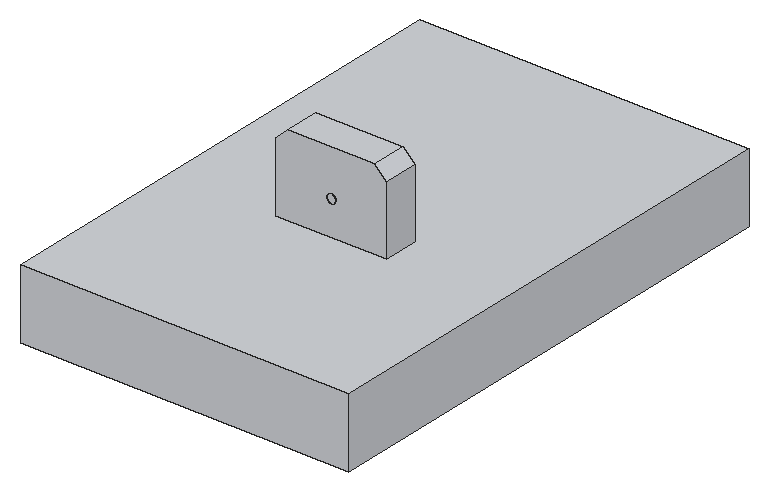
Revit family "M_Lavatório - Montado na parede", category Peças hidrossanitárias, Revit 2019
Family settings
  Hospedeiro = Face
  Cota do conector redondo = Usar raio
  Tipo de parte = Normal
  Número OmniClass = 23.45.05.14.14
  Título OmniClass = Sinks/Lavatories
  ID de item do Seek = Lavatory - Wall Mounted-0000-CAN-ENU
  Corte com vazios quando carregada = Não
  Compartilhado = Não
  Ponto de cálculo do ambiente = Não
Parameters (values of type "485 mmx355 mm - Público")
  Largura do lavatório = 485 mm
  WFU = 1
  Material da pia = none
  Largura do conector de sanitário = Largura do lavatório / 2 - 50 mm  # 192.5 mm
  Altura do conector de sanitário = 28.5 mm
  Comprimento do lavatório = 355 mm
  Raio da água quente = 7.5 mm
  Diâmetro da água quente = Raio da água quente * 2  # 15 mm
  Largura de meio lavatório = Largura do lavatório / 2  # 242.5 mm
  HWFU = 1.5
  Pressão do fluxo [instance] = 55158.0 Pa
  Material da torneira = none
  Comprimento da torneira = 100 mm * cos(30.00°)  # 86.603 mm
  Raio do sanitário = 16 mm
  Diâmetro do sanitário = Raio do sanitário * 2  # 32 mm
  Elevação-padrão = 865 mm
  Comprimento do cruzamento 2 = Comprimento do lavatório - 50 mm - Comprimento do cruzamento 1  # 284.289 mm
  Comprimento do cruzamento 1 = 50 mm / sin(45.00°) - 50 mm  # 20.711 mm
  Largura do conector 2 = Largura do lavatório / 2 + 100 mm  # 342.5 mm
  Largura do conector 1 = Largura do lavatório / 2 - 100 mm  # 142.5 mm
  Altura do conector 1 = 100 mm
  Raio da água gelada = 7.5 mm
  Diâmetro da água gelada = Raio da água gelada * 2  # 15 mm
  CWFU = 1.5
Types (5, lengths in mm): name | Largura do lavatório | Largura do conector de sanitário | Comprimento do lavatório | Largura de meio lavatório | HWFU | Comprimento do cruzamento 2 | Largura do conector 2 | Largura do conector 1 | CWFU
  (no name) | 485 | 192.5 | 355 | 242.5 | 1.5 | 284.289 | 342.5 | 142.5 | 1.5
  485 mmx355 mm - Privado | 485 | 192.5 | 355 | 242.5 | 0.5 | 284.289 | 342.5 | 142.5 | 0.5
  510 mmx455 mm - Privado | 510 | 205 | 455 | 255 | 0.5 | 384.289 | 355 | 155 | 0.5
  485 mmx355 mm - Público | 485 | 192.5 | 355 | 242.5 | 1.5 | 284.289 | 342.5 | 142.5 | 1.5
  510 mmx455 mm - Público | 510 | 205 | 455 | 255 | 1.5 | 384.289 | 355 | 155 | 1.5
Reference planes
  plane 1 "Centro (Frente/Trás)": y = 0
  plane 2 "Centro (Elevação)": z = 0
  plane 3 "Centro (Esquerda/Direita)": x = 0
  plane 4 "inferior": y = -152.4
  plane 5 "Parte frontal": z = 355
  plane 6 "Esquerda": x = -242.5
  plane 7 "Direita": x = 242.5
  plane 8: x = 191.7
  plane 9: z = 304.2
  plane 10: x = -191.7
  plane 11 "Inferior interno": y = -127
  plane 12: z = 114.3
  plane 13: x = -170.989
  plane 14: x = 170.989
  plane 15: x = 76.2
  plane 16: x = -76.2
  plane 17: x = 50.8
  plane 18: x = -50.8
  plane 19: z = 152.4
  plane 20: z = 28.575
  plane 21 "Parte inferior da torneira": z = 79.375
  plane 22 "torneira": z = 53.975
  plane 23: y = 25.4
  plane 24: y = 63.5
  plane 25: z = 284.289
  plane 26 "Frente da torneira": z = 165.978
  plane 27 "Frente da torneira 2": y = 50.8
  plane 28: y = 63.5
  plane 29 "LIS": y = 38.1
  plane 30: x = -12.7
  plane 31: x = 12.7
  plane 32: y = -76.2
Forms (mm)
  Extrusion 1, solid
    sketch origin (0, 0, 0) x (1, 0, 0) y (0, 1, 0)
      loop
        line (-709.9, 1219.2) -> (-709.9, -965.2) -> (725.1, -965.2) -> (725.1, 1219.2) -> (-709.9, 1219.2)
    from 0 to -304.8
  Extrusion 2, solid, material <- "Material da pia"
    sketch origin (0, 0, 0) x (1, 0, 0) y (0, 0, 1)
      loop
        line (-191.7, 355) -> (-242.5, 304.2) -> (-242.5, 0) -> (242.5, 0) -> (242.5, 304.2) -> (191.7, 355) -> (-191.7, 355)
    from 0 to 152.4
  Extrusion 3, void
    sketch origin (0, 0, 0) x (1, 0, 0) y (0, 0, 1)
      loop
        circle (0, 152.4) r 19.05
    from 127 to 152.4
  Extrusion 4, solid, material <- "Material da torneira", detail levels fine
    sketch origin (0, 0, 0) x (1, 0, 0) y (0, 0, 1)
      loop
        line (76.2, 79.375) -> (-76.2, 79.375) -> (-76.2, 28.575) -> (76.2, 28.575) -> (76.2, 79.375)
    from -25.4 to 0
  Extrusion 5, solid, material <- "Material da torneira", detail levels fine
    sketch origin (0, 0, 0) x (1, 0, 0) y (0, 0, 1)
      loop
        circle (50.8, 53.975) r 19.05
    from -63.5 to -25.4
  Extrusion 6, void
    sketch origin (0, 0, 0) x (1, 0, 0) y (0, 0, 1)
      loop
        line (-170.989, 304.2) -> (-191.7, 284.289) -> (-191.7, 114.3) -> (191.7, 114.3) -> (191.7, 284.289) -> (170.989, 304.2) -> (-170.989, 304.2)
    from 0 to 127
  Blend 7, solid, material <- "Material da torneira", detail levels fine
    base sketch origin (0, 0, 79.375) x (1, 0, 0) y (0, 1, 0)
      loop
        line (-12.7, 25.4) -> (-12.7, 0) -> (12.7, 0) -> (12.7, 25.4) -> (-12.7, 25.4)
    top sketch origin (0, 0, 165.978) x (0, 1, 0) y (-1, 0, 0)
      loop
        line (63.5, 12.7) -> (38.1, 12.7) -> (38.1, -12.7) -> (63.5, -12.7) -> (63.5, 12.7)
    from 0 to 0
  Extrusion 8, solid, material <- "Material da torneira", detail levels fine
    sketch origin (0, 0, 0) x (1, 0, 0) y (0, 0, 1)
      loop
        circle (-50.8, 53.975) r 19.05
    from -63.5 to -25.4
  Extrusion 9, solid, material <- "Material da pia"
    sketch origin (0, 0, 0) x (1, 0, 0) y (0, 0, 1)
      loop
        circle (0, 152.4) r 19.05
    from 127 to 152.4
Cuts and joins
  Extrusion 3, Extrusion 6 cuts Extrusion 2
Dimensions and locks
  equal spacing: plane 7 "Direita", plane 3 "Centro (Esquerda/Direita)", plane 6 "Esquerda"
  "Largura de meio lavatório": plane 3 "Centro (Esquerda/Direita)" to plane 6 "Esquerda"
  "Comprimento do lavatório": plane 5 "Parte frontal" to plane 2 "Centro (Elevação)"
  locked: plane 10 to plane 6 "Esquerda" at 50.8
  locked: plane 7 "Direita" to plane 8 at 50.8
  locked: plane 5 "Parte frontal" to plane 9 at 50.8
  locked: plane 1 "Centro (Frente/Trás)" to plane 4 "inferior" at 152.4
  locked: plane 1 "Centro (Frente/Trás)" to plane 11 "Inferior interno" at 127
  locked: plane 12 to Extrusion 1 at 114.3
  "Comprimento do cruzamento 1": plane 13 to plane 10
  "Comprimento do cruzamento 1": plane 14 to plane 8
  equal spacing: plane 16, plane 3 "Centro (Esquerda/Direita)", plane 15
  locked: plane 3 "Centro (Esquerda/Direita)" to plane 15 at 76.2
  equal spacing: plane 18, plane 3 "Centro (Esquerda/Direita)", plane 17
  locked: plane 3 "Centro (Esquerda/Direita)" to plane 17 at 50.8
  locked: plane 12 to plane 19 at 38.1
  equal spacing: plane 20, plane 22 "torneira", plane 21 "Parte inferior da torneira"
  locked: plane 20 to plane 22 "torneira" at 25.4
  locked: plane 23 to plane 1 "Centro (Frente/Trás)" at 25.4
  locked: plane 24 to plane 23 at 38.1
  locked: plane 2 "Centro (Elevação)" to plane 22 "torneira" at 53.975
  "Comprimento do cruzamento 2": plane 25 to plane 2 "Centro (Elevação)"
  "Comprimento da torneira": plane 26 "Frente da torneira" to plane 21 "Parte inferior da torneira"
  locked: plane 27 "Frente da torneira 2" to plane 1 "Centro (Frente/Trás)" at 50.8
  plane 28 to plane 27 "Frente da torneira 2" = 12.7 mm
  plane 27 "Frente da torneira 2" to plane 29 "LIS" = 12.7 mm
  equal spacing: plane 30, plane 3 "Centro (Esquerda/Direita)", plane 31
  plane 30 to plane 3 "Centro (Esquerda/Direita)" = 12.7 mm
  equal spacing: plane 4 "inferior", plane 32, plane 1 "Centro (Frente/Trás)"
  "Largura do conector 1": connector elem to plane 7 "Direita"
  "Altura do conector 1": connector elem to plane 23  (x2)
  "Largura do conector 2": connector elem to plane 7 "Direita"
  radius of Extrusion 3 sketch curve = 19.05 mm
  radius of Extrusion 9 sketch curve = 19.05 mm
  aligned and locked: plane 2 "Centro (Elevação)" to Extrusion 1
  aligned and locked: level to Extrusion 1
  aligned and locked: plane 5 "Parte frontal" to Extrusion 2 sketch curve
  aligned and locked: plane 10 to Extrusion 2 sketch curve
  aligned and locked: plane 8 to Extrusion 2 sketch curve
  aligned and locked: plane 7 "Direita" to Extrusion 2 sketch curve
  aligned and locked: plane 9 to Extrusion 2 sketch curve  (x2)
  aligned and locked: plane 2 "Centro (Elevação)" to Extrusion 2 sketch curve  (x2)
  aligned and locked: Extrusion 2 sketch curve to plane 6 "Esquerda"
  aligned and locked: Extrusion 2 to plane 1 "Centro (Frente/Trás)"
  aligned and locked: Extrusion 2 to plane 4 "inferior"
  aligned and locked: Extrusion 3 to plane 4 "inferior"
  aligned and locked: Extrusion 3 to plane 11 "Inferior interno"
  aligned and locked: plane 3 "Centro (Esquerda/Direita)" to Extrusion 3 sketch curve
  aligned and locked: plane 19 to Extrusion 3 sketch curve
  aligned and locked: Extrusion 4 sketch curve to plane 21 "Parte inferior da torneira"
  aligned and locked: Extrusion 4 sketch curve to plane 16
  aligned and locked: plane 20 to Extrusion 4 sketch curve
  aligned and locked: plane 15 to Extrusion 4 sketch curve
  aligned and locked: plane 1 "Centro (Frente/Trás)" to Extrusion 4
  aligned and locked: Extrusion 5 to plane 24
  aligned and locked: Extrusion 5 to Extrusion 4
  aligned and locked: Extrusion 6 to plane 1 "Centro (Frente/Trás)"
  aligned and locked: plane 11 "Inferior interno" to Extrusion 6
  aligned and locked: plane 9 to Extrusion 6
  aligned and locked: Extrusion 6 to plane 12
  aligned and locked: Extrusion 6 sketch curve to plane 9
  aligned and locked: plane 10 to Extrusion 6 sketch curve  (x2)
  aligned and locked: plane 9 to Extrusion 6 sketch curve
  aligned and locked: plane 14 to Extrusion 6 sketch curve
  aligned and locked: plane 25 to Extrusion 6 sketch curve  (x2)
  aligned and locked: plane 8 to Extrusion 6 sketch curve  (x2)
  aligned and locked: plane 12 to Extrusion 6 sketch curve  (x2)
  aligned and locked: plane 13 to Extrusion 6 sketch curve
  aligned and locked: plane 30 to Blend 7 sketch curve  (x2)
  aligned and locked: plane 23 to Blend 7 sketch curve
  aligned and locked: plane 1 "Centro (Frente/Trás)" to Blend 7 sketch curve
  aligned and locked: Blend 7 sketch curve to plane 31  (x2)
  aligned and locked: plane 24 to Blend 7 sketch curve
  aligned and locked: plane 29 "LIS" to Blend 7 sketch curve
  aligned and locked: plane 9 to cut or joined group of Extrusion 2, Extrusion 3, Extrusion 6
  aligned and locked: cut or joined group of Extrusion 2, Extrusion 3, Extrusion 6 to plane 10
  aligned and locked: cut or joined group of Extrusion 2, Extrusion 3, Extrusion 6 to plane 12
  aligned and locked: plane 8 to cut or joined group of Extrusion 2, Extrusion 3, Extrusion 6
  aligned and locked: plane 5 "Parte frontal" to cut or joined group of Extrusion 2, Extrusion 3, Extrusion 6
  aligned and locked: plane 7 "Direita" to cut or joined group of Extrusion 2, Extrusion 3, Extrusion 6
  aligned and locked: plane 21 "Parte inferior da torneira" to Extrusion 4
  aligned and locked: plane 18 to Extrusion 8 sketch curve
  aligned and locked: plane 22 "torneira" to Extrusion 8 sketch curve
  aligned and locked: Extrusion 8 to Extrusion 5
  aligned and locked: Extrusion 8 to Extrusion 4
  aligned and locked: plane 3 "Centro (Esquerda/Direita)" to Extrusion 9 sketch curve
  aligned and locked: plane 19 to Extrusion 9 sketch curve
  aligned and locked: Extrusion 9 to plane 4 "inferior"
  aligned and locked: Extrusion 9 to plane 11 "Inferior interno"
Automatic sketch dimensions
  Extrusion 5 sketch curve to plane 17 = 0 mm
  Extrusion 5 sketch curve to plane 22 "torneira" = 0 mm
  Extrusion 1 sketch curve to Extrusion 1 sketch curve = 1435 mm
  Extrusion 1 sketch curve to Extrusion 1 sketch curve = 2184.4 mm
  radius of Extrusion 5 sketch curve = 19.05 mm
  radius of Extrusion 8 sketch curve = 19.05 mm
Connectors
  piping at (100, -74.6, 0), diameter 15, driven by "Raio da água gelada", driven by "CWFU", driven by "Pressão do fluxo"
    settings: on plane 2 "Centro (Elevação)", index 1, connector inside diameter 15 mm, connector length 0 mm, flow factor 0, pipe flow 0.0 L/s, pressure drop 55158.0 Pa, fitting loss kfactor 0, connector angle 0.00°, fixture units 1.5, engagement length 0 mm, angle of deflection 0.00°, flow configuration 3, flow direction 1, fitting loss method 4, system type 20, joint type 0, gender type 0, connector reference index -1, connector utility 0, adjustable connector no, is connector primary yes, connector description "In"
  piping at (-100, -74.6, 0), diameter 15, driven by "Raio da água quente", driven by "HWFU", driven by "Pressão do fluxo"
    settings: on plane 2 "Centro (Elevação)", index 2, connector inside diameter 15 mm, connector length 0 mm, flow factor 0, pipe flow 0.0 L/s, pressure drop 55158.0 Pa, fitting loss kfactor 0, connector angle 0.00°, fixture units 1.5, engagement length 0 mm, angle of deflection 0.00°, flow configuration 3, flow direction 1, fitting loss method 4, system type 19, joint type 0, gender type 0, connector reference index -1, connector utility 0, adjustable connector no, is connector primary no, connector description "In"
  piping at (0, -152.4, 152.4), diameter 32, driven by "Raio do sanitário", driven by "WFU"
    settings: on cut or joined group of Extrusion 2, Extrusion 3, Extrusion 6, index 3, connector inside diameter 32 mm, connector length 0 mm, flow factor 0, pipe flow 0.0 L/s, pressure drop 0.0 Pa, fitting loss kfactor 0, connector angle 0.00°, fixture units 1, engagement length 0 mm, angle of deflection 0.00°, flow configuration 3, flow direction 2, fitting loss method 0, system type 16, joint type 0, gender type 0, connector reference index -1, connector utility 0, adjustable connector no, is connector primary no, connector description "Saída"
